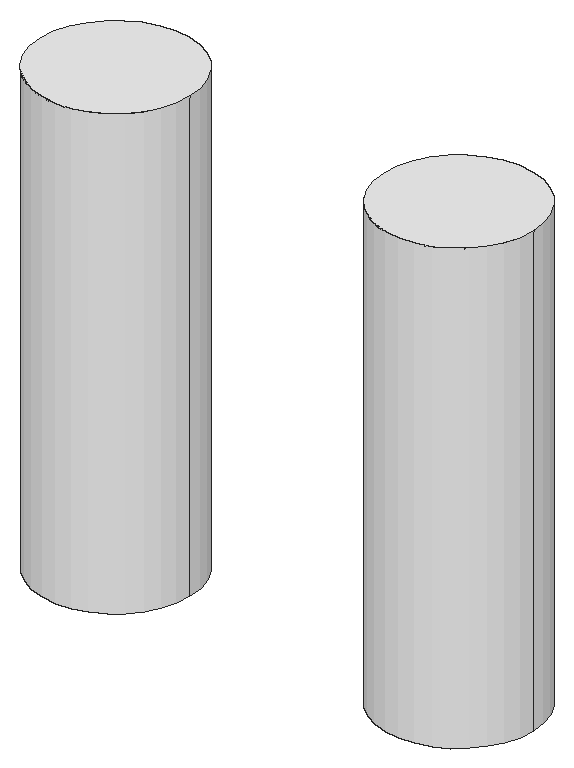
Revit family "56422203", category Plumbing Fixtures, Revit 2018
Family settings
  Round Connector Dimension = Use Diameter
  Part Type = Normal
  OmniClass Number = 23.45.55.00
  OmniClass Title = Sanitary Faucets, Wastes
  Work Plane-Based = No
  Always vertical = Yes
  Cut with Voids When Loaded = No
  Shared = No
  Room Calculation Point = No
Parameters (values of type "56422203 Washbasin faucet ")
  Working Pressure = "50 - 1000 kPa"
  WarrantyStartDate [instance] = "n/a"
  WarrantyGuarantorParts = "n/a"
  WarrantyGuarantorLabor = "n/a"
  WarrantyDurationUnit = "Year"
  WarrantyDurationParts = "n/a"
  WarrantyDurationLabor = "n/a"
  WarrantyDescription = "http://warranty.hansa.com"
  Warranty Information URL = "http://warranty.hansa.com"
  VersionDate = "01/07/2022"
  Version = "3"  # constant formula
  ValvePattern = "n/a"
  ValveOperation = "n/a"
  ValveMechanism = "n/a"
  Uniclass2015Reference = "Pr_40_20_87_96"
  Uniclass2015Description = "Washbasin manual water supply sets"
  Uniclass2 = "Pr_40_30_96_96"
  URL REACH = "http://static.hansa.com/doc/reach"
  URL Declaration of Conformity = "http://static.hansa.com/DoC/56422203"
  URL ABP = "http://static.hansa.com/ABP/56422203"
  URL = ""
  UNSPSC Class Number = "30181700 Faucets or taps"
  TestPressure = "n/a"
  Temperature Adjustments = "Limitation option for maximum temperature and flow-rate ;Adjustable hot water stop (included, retrofittable)"
  Temperature = "Temperature limiter;Temperature limiter (retrofittable)"
  Technical DataSheet URL = "http://www.hansa.com/datasheet/56422203/en"
  TagNumber [instance] = "n/a"
  SustainabilityPerformance = "n/a"
  Surface treatment = "Chrome"
  Spout Type = "Fixed spout"
  Spout Projection = "110 mm"
  Spare-Part Information URL = "http://static.hansa.com/sp/56422203"
  Size = "50x145x155 mm"
  Shape = "Sculptured"
  SerialNumber [instance] = "n/a"
  Sales Package dimensions (LxWxH) = "540 x 146 x 59"
  Revision = "3"  # constant formula
  ReplacementCost = "n/a"
  ProductInformation = "n/a"
  Product URL = "http://static.hansa.com/56422203"
  Product Image URL = "http://static.hansa.com/image/56422203"
  Product Family = "HANSAPALENO XL"
  Product Code = "56422203"
  OperatingMechanismMaterial = "n/a"
  NominalWidth = 48.9 mm
  NominalHeight = 156.4 mm
  NominalDepth = 144.4 mm
  Noise Class = "I (ISO3822)"
  Name_en = "56422203 Washbasin faucet"
  Name = "56422203 Washbasin faucet"
  NBSReference = "45-35-70/371"
  NBSDescription = "Water supply fittings for wash basins and troughs"
  Mounting Holes = "1 hole"
  ModelReference = "56422203"
  ModelNumber = "n/a"
  Model = "56422203 Washbasin faucet"
  Mobile Product Information URL = "http://mpi.hansa.com/56422203"
  Mechanical Parts = "ø 35 mm ceramic cartridge for flow and temperature control"
  Max. Hot Water Supply = 70 °C
  Material = "Brass"
  Market = "International;Germany;Austria;Switzerland;France;Italy;Spain"
  ManufacturerURL = "http://www.hansa.com"
  ManufacturerName = "HANSA"
  Manufacturer = "HANSA"
  Lever Handle = "Hot/Cold symbols;Single operating lever/handle"
  Interactive AR View URL = "https://static.hansa.com/AR/56422203"
  InstallationDate [instance] = "n/a"
  Installation and Maintenance Guide URL = "http://static.hansa.com/manual/56422203"
  Installation Type = "Deck mounted"
  InletConnectionSize = 10 mm
  IfcExportType = "FAUCET"  # constant formula
  IfcExportAs = "IfcValveType"  # constant formula
  Group = "Washbasin faucet"
  Grade = "n/a"
  FlowCoefficient = 0
  Flow Rate At 300kPa With Flow Controller = 0.01 L/s
  Flow Drawing URL = "http://static.hansa.com/flowchart/56422203"
  Finish = "Polished"
  Features = "Single-lever"
  FaucetMainMaterial = Brass
  FDV Document URL = "http://www.hansa.com/datasheet/56422203/en/fdv"
  ExpectedLife = "n/a"
  Excluded Items = "Without pop-up waste"
  ETIM Class Number = "EC011328 Washbasin mixing tap"
  EN Standard = "EN 817"
  EAN Number = "4057304012013"
  DurationUnit = "Year"
  Dimension Drawing URL = "http://static.hansa.com/dimdrw/56422203"
  Description = ""
  DefaultElevation [instance] = 900 mm
  Constituents = "n/a"
  Connection Size = "G3/8"
  Connection = "Flexible inlet pipes"
  Color = "Chrome"
  CodePerformance = "n/a"
  CloseOffRating = 0
  Category = "Bathroom"
  Catalog Drawing URL = "http://static.hansa.com/catdrw/56422203"
  Brand = "HANSA"
  BodyMaterial = "Brass"
  Barcode [instance] = "n/a"
  Backflow Prevention EN1717 = "AA"
  BIMObjectName = "56422203"
  Author = "BIMStone"
  AssetType = "Fixed"
  AssetIdentifier [instance] = "n/a"
  Approval ABP = "P-IX 29502/IA"
  Ambience photo = "http://static.hansa.com/ambience/56422203"
  Aerator = "PCA® - constant flow rate regardless of pressure variations"
  Advanced Features = "Inner body made of DZR brass;3S-installation system for safe and simple mounting"
  AccessibilityPerformance = "n/a"
  3D View = "https://static.hansa.com/3D/56422203"
  2D/3D/BIM Files URL = "http://static.hansa.com/bim/56422203"
Reference planes
  plane 1 "Center (Front/Back)": y = 0
  plane 2: z = 0
  plane 3 "Center (Left/Right)": x = 0
  plane 4: x = -24.45
  plane 5: z = 900
  plane 6: z = 870
  plane 7: y = -144.4
  plane 8: x = 24.45
  plane 9: z = 1056.4
Forms (mm)
  Extrusion 1, solid, material "Brass" <- "FaucetMainMaterial"
    sketch origin (-44.989, 12.403, 0) x (1, 0, 0) y (0, 1, 0)
      loop
        circle (33.489, -36) r 5
      loop
        circle (56.489, -36) r 5
    from 870 to 900
Dimensions and locks
  "DefaultElevation": plane 5 to level
  locked: plane 5 to plane 6 at 30
  "NominalDepth": plane 7 to plane 1 "Center (Front/Back)"
  "NominalHeight": plane 9 to plane 5
  equal spacing: plane 4, plane 3 "Center (Left/Right)", plane 8
  "NominalWidth": plane 4 to plane 8
  "InletConnectionSize": diameter of Extrusion 1 sketch curve  (x2)
  aligned and locked: level to plane 2
  aligned and locked: plane 5 to Extrusion 1
  aligned and locked: Extrusion 1 to plane 6
  aligned and locked: nested 2 to plane 5
Automatic sketch dimensions
  Extrusion 1 sketch curve to plane 3 "Center (Left/Right)" = 11.5 mm
  plane 3 "Center (Left/Right)" to Extrusion 1 sketch curve = 11.5 mm
  plane 1 "Center (Front/Back)" to Extrusion 1 sketch curve = 23.597 mm  (x2)
Nested families
  nested 1: "Symbol" at (0, 0, 0), type "Symbol", detail levels coarse
  nested 2: "56422203_p" at (0, 0, 900), Main <- "FaucetMainMaterial", type "56422203_p"
    with Main Brass
Connectors
  piping at (-11.5, -23.597, 870), diameter 10, driven by "InletConnectionSize"
    settings: on Extrusion 1, index 1, connector inside diameter 609.6 mm, connector length 0 mm, flow factor 0, pipe flow 0.1 L/s, pressure drop 0.0 Pa, fitting loss kfactor 0, connector angle 0.00°, fixture units 0, engagement length 0 mm, angle of deflection 0.00°, flow configuration 1, flow direction 1, fitting loss method 0, system type 19, joint type 0, gender type 0, connector reference index -1, connector utility 0, adjustable connector no, is connector primary yes, connector description ""
  piping at (11.5, -23.597, 870), diameter 10, driven by "InletConnectionSize"
    settings: on Extrusion 1, index 2, connector inside diameter 609.6 mm, connector length 0 mm, flow factor 0, pipe flow 0.1 L/s, pressure drop 0.0 Pa, fitting loss kfactor 0, connector angle 0.00°, fixture units 0, engagement length 0 mm, angle of deflection 0.00°, flow configuration 1, flow direction 1, fitting loss method 0, system type 20, joint type 0, gender type 0, connector reference index -1, connector utility 0, adjustable connector no, is connector primary no, connector description ""
Definition of nested family "Symbol"
  Reference planes
    plane 1: y = 0
    plane 2: x = 0
  Lines and regions (mm)
    detail lines
      curve 1: line (0, 0, 0) -> (0, -1.8, 0)
      curve 2: line (-0.4, -1.1, 0) -> (0.4, -1.1, 0)
      curve 3: line (-0.4, -1.4, 0) -> (0.4, -1.4, 0)
      curve 4: line (0.863, 0, 0) -> (-0.863, 0, 0)
      curve 5: circle (-1.163, 0, 0) r 0.3 normal (0, 0, -1)
      curve 6: circle (1.163, 0, 0) r 0.3 normal (0, 0, 1)
Definition of nested family "56422203_p"
  Parameters (values of type "56422203_p")
    Main [instance] = none
  Reference planes
    plane 1 "Center (Front/Back)": y = 0
    plane 2: z = 0
    plane 3 "Center (Left/Right)": x = 0
    plane 4: x = -24.617
    plane 5: x = 24.617
    plane 6: y = -144.411
    plane 7: z = 156.445
  Forms (mm)
    Revolve 1, solid, material <- "Main", detail levels medium
      sketch origin (0, 0, 0) x (0, 1, 0) y (0, 0, 1)
        loop
          line (2.047, -23.402) -> (-14.215, 162.474) -> (-37.633, 160.425) -> (-21.371, -25.451) -> (2.047, -23.402)
        axis (-37.633, 160.425) -> (-21.371, -25.451)
      angle from 0 to 360
    Extrusion 2, void
      sketch origin (0, 0, 0) x (0, 1, 0) y (0, 0, 1)
        loop
          line (-84.903, 156.445) -> (-11.321, 156.445) -> (-11.321, 165.82) -> (-84.903, 165.82) -> (-84.903, 156.445)
        loop
          line (-67.585, 0) -> (-67.585, -35) -> (4.507, -35) -> (4.507, 0) -> (-67.585, 0)
      from -49.356 to 92.918
    Extrusion 3, solid, material <- "Main", detail levels medium
      sketch origin (0, 0, 0) x (1, 0, 0) y (0, 1, 0)
        loop
          line (-7.537, -77.547) -> (-6.93, -123.232)
          arc (-6.93, -123.232) -> (-6.646, -124.044) -> (-5.931, -124.521) r 1.354
          arc (-5.931, -124.521) -> (-2.992, -125.107) -> (0, -125.289) r 22.031
          arc (0, -125.289) -> (2.992, -125.107) -> (5.931, -124.521) r 22.031
          arc (5.931, -124.521) -> (6.646, -124.044) -> (6.93, -123.232) r 1.354
          line (6.93, -123.232) -> (7.537, -77.547)
          arc (7.537, -77.547) -> (8.206, -70.706) -> (10.649, -64.282) r 25.931
          arc (10.649, -64.282) -> (13.331, -59.854) -> (16.426, -55.705) r 53.655
          arc (16.426, -55.705) -> (18.861, -52.519) -> (21.056, -49.162) r 54.532
          arc (21.056, -49.162) -> (23.173, -41.379) -> (23.403, -33.317) r 34.087
          line (23.403, -33.317) -> (-23.403, -33.317)
          arc (-23.403, -33.317) -> (-23.173, -41.379) -> (-21.056, -49.162) r 34.087
          arc (-21.056, -49.162) -> (-18.861, -52.519) -> (-16.426, -55.705) r 54.532
          arc (-16.426, -55.705) -> (-13.331, -59.854) -> (-10.649, -64.282) r 53.655
          arc (-10.649, -64.282) -> (-8.206, -70.706) -> (-7.537, -77.547) r 25.931
      from 143.534 to 156.445
    Extrusion 4, solid, material <- "Main", detail levels medium
      sketch origin (0, 0, 0) x (0, 1, 0) y (0, 0, 1)
        loop
          line (-96.559, 113.643) -> (-143.329, 109.331)
          arc (-143.329, 109.331) -> (-144.357, 108.501) -> (-143.985, 107.233) r 1.191
          line (-143.985, 107.233) -> (-138.981, 103.034) -> (-143.034, 97.245) -> (-123.394, 83.493) -> (-120.544, 87.563) -> (-119.032, 86.295) -> (-43.851, 88.032) -> (-46.46, 117.853)
          arc (-46.46, 117.853) -> (-71.518, 115.849) -> (-96.559, 113.643) r 3101.602
      from -20 to 20
    Extrusion 5, solid, material <- "Main", detail levels coarse
      sketch origin (0, 0, 0) x (0, 1, 0) y (0, 0, 1)
        loop
          line (0, 0) -> (0, 156.445) -> (-144.411, 156.445) -> (-144.411, 0) -> (0, 0)
      from -24.617 to 24.617
  Cuts and joins
    joined: Extrusion 3, Extrusion 4
    Extrusion 2 cuts Revolve 1
  Lines and regions (mm)
    symbolic lines, detail levels medium+fine
      curve 1: arc (-10.483, -143.707, 0) -> (0.493, -144.409, 0) -> (11.459, -143.559, 0) r 77.963
      curve 2: line (-16.526, -137.272, 0) -> (-23.259, -43.599, 0)
      curve 3: arc (-10.483, -143.707, 0) -> (-14.647, -141.562, 0) -> (-16.526, -137.272, 0) r 7
      curve 4: arc (-24.617, -33.317, 0) -> (-24.331, -29.576, 0) -> (-23.48, -25.922, 0) r 24.617
      curve 5: arc (-23.48, -25.922, 0) -> (-22.352, -16.636, 0) -> (-17.956, -8.379, 0) r 25.54
      curve 6: arc (-17.956, -8.379, 0) -> (-12.813, -3.703, 0) -> (-6.464, -0.874, 0) r 21.896
      curve 7: arc (-6.464, -0.874, 0) -> (-3.26, -0.234, 0) -> (0, 0, 0) r 26.072
      curve 8: arc (-23.259, -43.599, 0) -> (-24.276, -38.503, 0) -> (-24.617, -33.317, 0) r 39.601
      curve 17: line (16.526, -137.272, 0) -> (23.259, -43.599, 0)
      curve 18: arc (10.483, -143.707, 0) -> (14.647, -141.562, 0) -> (16.526, -137.272, 0) r 7
      curve 19: arc (24.617, -33.317, 0) -> (24.331, -29.576, 0) -> (23.48, -25.922, 0) r 24.617
      curve 20: arc (23.48, -25.922, 0) -> (22.352, -16.636, 0) -> (17.956, -8.379, 0) r 25.54
      curve 21: arc (17.956, -8.379, 0) -> (12.813, -3.703, 0) -> (6.464, -0.874, 0) r 21.896
      curve 22: arc (6.464, -0.874, 0) -> (3.26, -0.234, 0) -> (0, 0, 0) r 26.072
      curve 23: arc (23.259, -43.599, 0) -> (24.276, -38.503, 0) -> (24.617, -33.317, 0) r 39.601
      curve 32: line (0, 0, 0) -> (-23.507, 0, 0)
      curve 33: line (-23.507, 0, 0) -> (-23.507, 0, 118.867)
      curve 34: line (-24.617, 0, 122.36) -> (-24.191, 0, 154.082)
      curve 35: line (0, 0, 156.757) -> (-5.848, 0, 156.757)
      curve 36: arc (-5.848, 0, 156.757) -> (-14.236, 0, 156.527) -> (-22.599, 0, 155.836) r 152.743
      curve 37: arc (-24.191, 0, 154.082) -> (-23.727, 0, 155.26) -> (-22.599, 0, 155.836) r 1.788
      curve 43: line (-22.622, 0, 121.304) -> (-22.757, 0, 119.77)
      curve 44: arc (-23.507, 0, 118.867) -> (-23.284, 0, 119.445) -> (-22.757, 0, 119.77) r 0.967
      curve 48: spline (-24.617, 0, 122.36) -> (-24.603, 0, 122.271) -> (-24.561, 0, 122.181) -> (-24.492, 0, 122.092) -> (-24.395, 0, 122.003) -> (-24.27, 0, 121.914) -> (-24.118, 0, 121.826) -> (-23.938, 0, 121.738) -> (-23.731, 0, 121.651) -> (-23.498, 0, 121.565) -> (-23.238, 0, 121.48) -> (-22.952, 0, 121.396) -> (-22.639, 0, 121.313)
      curve 59: line (0, 0, 0) -> (23.507, 0, 0)
      curve 60: line (23.507, 0, 0) -> (23.507, 0, 118.867)
      curve 61: line (24.617, 0, 122.36) -> (24.191, 0, 154.082)
      curve 62: line (0, 0, 156.757) -> (5.848, 0, 156.757)
      curve 63: arc (5.848, 0, 156.757) -> (14.236, 0, 156.527) -> (22.599, 0, 155.836) r 152.743
      curve 64: arc (24.191, 0, 154.082) -> (23.727, 0, 155.26) -> (22.599, 0, 155.836) r 1.788
      curve 70: line (22.622, 0, 121.304) -> (22.757, 0, 119.77)
      curve 71: arc (23.507, 0, 118.867) -> (23.284, 0, 119.445) -> (22.757, 0, 119.77) r 0.967
      curve 75: spline (24.617, 0, 122.36) -> (24.603, 0, 122.271) -> (24.561, 0, 122.181) -> (24.492, 0, 122.092) -> (24.395, 0, 122.003) -> (24.27, 0, 121.914) -> (24.118, 0, 121.826) -> (23.938, 0, 121.738) -> (23.731, 0, 121.651) -> (23.498, 0, 121.565) -> (23.238, 0, 121.48) -> (22.952, 0, 121.396) -> (22.639, 0, 121.313)
      curve 86: line (0, 0, 0) -> (0, -47.195, 0)
      curve 87: line (0, -10.612, 121.301) -> (0, -11.412, 121.236)
      curve 90: line (0, 0, 0) -> (0, -1.556, 17.786)
      curve 91: arc (0, -11.412, 121.236) -> (0, -12.881, 127.02) -> (0, -15.842, 132.201) r 22.12
      curve 92: line (0, -56.705, 119.964) -> (0, -56.705, 117.557)
      curve 93: line (0, -11.666, 134.578) -> (0, -15.028, 154.062)
      curve 94: line (0, -16.892, 155.631) -> (0, -35.064, 155.631)
      curve 95: arc (0, -50.137, 156.019) -> (0, -42.603, 155.722) -> (0, -35.064, 155.631) r 275.77
      curve 96: arc (0, -15.028, 154.062) -> (0, -15.674, 155.186) -> (0, -16.892, 155.631) r 1.891
      curve 98: line (0, -3.301, 37.728) -> (0, -10.612, 121.301)
      curve 99: line (0, -56.705, 119.964) -> (0, -58.447, 119.823)
      curve 100: line (0, -15.842, 132.201) -> (0, -11.666, 134.578)
      curve 102: line (0, -119.032, 86.295) -> (0, -120.544, 87.563)
      curve 103: line (0, -91.121, 114.144) -> (0, -143.329, 109.331)
      curve 104: arc (0, -143.329, 109.331) -> (0, -144.357, 108.501) -> (0, -143.985, 107.233) r 1.191
      curve 105: line (0, -143.034, 97.245) -> (0, -123.394, 83.493)
      curve 106: line (0, -138.981, 103.034) -> (0, -143.034, 97.245)
      curve 107: line (0, -120.544, 87.563) -> (0, -123.394, 83.493)
      curve 108: line (0, -138.981, 103.034) -> (0, -143.985, 107.233)
      curve 118: line (0, -0.192, 19.351) -> (0, -1.671, 36.265)
      curve 119: line (0, -2.403, 37.309) -> (0, -3.301, 37.728)
      curve 120: arc (0, -1.671, 36.265) -> (0, -1.897, 36.885) -> (0, -2.403, 37.309) r 1.275
      curve 121: line (0, -0.645, 18.4) -> (0, -1.556, 17.786)
      curve 122: arc (0, -0.192, 19.351) -> (0, -0.289, 18.814) -> (0, -0.645, 18.4) r 1.038
      curve 123: arc (0, -56.705, 117.557) -> (0, -73.907, 115.791) -> (0, -91.121, 114.144) r 2509.682
      curve 124: line (0, -119.032, 86.295) -> (0, -78.463, 87.445)
      curve 125: line (0, -47.195, 0) -> (0, -52.849, 64.634)
      curve 126: arc (0, -52.849, 64.634) -> (0, -61.128, 81.125) -> (0, -78.463, 87.445) r 25
      curve 127: line (0, -72.369, 156.445) -> (0, -123.175, 156.445)
      curve 128: arc (0, -124.589, 155.324) -> (0, -125.212, 149.972) -> (0, -124.596, 144.619) r 23.446
      curve 129: arc (0, -123.175, 156.445) -> (0, -124.077, 156.131) -> (0, -124.589, 155.324) r 1.453
      curve 130: line (0, -123.324, 143.61) -> (0, -68.594, 143.61)
      curve 131: line (0, -58.447, 119.823) -> (0, -61.216, 137.309)
      curve 132: arc (0, -61.216, 137.309) -> (0, -63.743, 141.82) -> (0, -68.594, 143.61) r 7.47
      curve 133: arc (0, -124.596, 144.619) -> (0, -124.136, 143.893) -> (0, -123.324, 143.61) r 1.307
      curve 134: arc (0, -50.137, 156.019) -> (0, -61.251, 156.338) -> (0, -72.369, 156.445) r 581.263
    symbolic lines, detail levels fine
      curve 9: arc (-21.056, -49.162, 0) -> (-21.905, -47.56, 0) -> (-22.573, -45.875, 0) r 16.527
      curve 10: arc (-16.426, -55.705, 0) -> (-18.861, -52.519, 0) -> (-21.056, -49.162, 0) r 54.532
      curve 11: arc (-10.649, -64.282, 0) -> (-13.331, -59.854, 0) -> (-16.426, -55.705, 0) r 53.655
      curve 12: arc (-7.537, -77.547, 0) -> (-8.206, -70.706, 0) -> (-10.649, -64.282, 0) r 25.931
      curve 13: line (-7.537, -77.547, 0) -> (-6.93, -123.232, 0)
      curve 14: arc (-5.931, -124.521, 0) -> (-2.992, -125.107, 0) -> (0, -125.289, 0) r 22.031
      curve 15: arc (-6.93, -123.232, 0) -> (-6.646, -124.044, 0) -> (-5.931, -124.521, 0) r 1.354
      curve 16: arc (-23.48, -25.922, 0) -> (-14.56, -13.467, 0) -> (0, -8.7, 0) r 24.617
      curve 24: arc (21.056, -49.162, 0) -> (21.674, -48.039, 0) -> (22.204, -46.872, 0) r 16.527
      curve 25: arc (16.426, -55.705, 0) -> (18.861, -52.519, 0) -> (21.056, -49.162, 0) r 54.532
      curve 26: arc (10.649, -64.282, 0) -> (13.331, -59.854, 0) -> (16.426, -55.705, 0) r 53.655
      curve 27: arc (7.537, -77.547, 0) -> (8.206, -70.706, 0) -> (10.649, -64.282, 0) r 25.931
      curve 28: line (7.537, -77.547, 0) -> (6.93, -123.232, 0)
      curve 29: arc (5.931, -124.521, 0) -> (2.992, -125.107, 0) -> (0, -125.289, 0) r 22.031
      curve 30: arc (6.93, -123.232, 0) -> (6.646, -124.044, 0) -> (5.931, -124.521, 0) r 1.354
      curve 31: arc (23.48, -25.922, 0) -> (14.56, -13.467, 0) -> (0, -8.7, 0) r 24.617
      curve 38: arc (-6.756, 0, 154.996) -> (-6.963, 0, 150.565) -> (-6.756, 0, 146.134) r 47.666
      curve 39: arc (-5.128, 0, 156.613) -> (-6.235, 0, 156.099) -> (-6.756, 0, 154.996) r 1.79
      curve 40: arc (-2.068, 0, 156.757) -> (-3.599, 0, 156.715) -> (-5.128, 0, 156.613) r 39.282
      curve 41: arc (-6.756, 0, 146.134) -> (-6.258, 0, 145.047) -> (-5.191, 0, 144.509) r 1.809
      curve 42: arc (-5.191, 0, 144.509) -> (-2.601, 0, 144.266) -> (0, 0, 144.219) r 34.732
      curve 45: spline (-22.757, 0, 119.77) -> (-22.562, 0, 119.513) -> (-21.981, 0, 119.261) -> (-21.024, 0, 119.017) -> (-19.707, 0, 118.786) -> (-18.053, 0, 118.572) -> (-16.091, 0, 118.379) -> (-13.852, 0, 118.209) -> (-11.377, 0, 118.066) -> (-8.708, 0, 117.952) -> (-5.889, 0, 117.87) -> (-2.97, 0, 117.82) -> (0, 0, 117.803)
      curve 46: line (-23.507, 0, 106.908) -> (-16.905, 0, 94.49)
      curve 47: arc (-16.905, 0, 94.49) -> (-14.342, 0, 90.77) -> (-11, 0, 87.73) r 19.74
      curve 49: arc (-13.632, 0, 105.991) -> (-6.829, 0, 106.614) -> (0, 0, 106.821) r 112.335
      curve 50: line (-23.507, 0, 117.557) -> (-17.405, 0, 107.792)
      curve 51: arc (-17.405, 0, 107.792) -> (-15.781, 0, 106.342) -> (-13.632, 0, 105.991) r 3.893
      curve 52: spline (0, 0, 84.024) -> (-2.773, 0, 84.232) -> (-5.358, 0, 84.844) -> (-7.577, 0, 85.816) -> (-9.28, 0, 87.084) -> (-10.351, 0, 88.56) -> (-10.716, 0, 90.145) -> (-10.351, 0, 91.729) -> (-9.28, 0, 93.205) -> (-7.577, 0, 94.473) -> (-5.358, 0, 95.445) -> (-2.773, 0, 96.057) -> (0, 0, 96.265)
      curve 53: line (-11, 0, 96.107) -> (-11, 0, 87.73)
      curve 54: arc (-11, 0, 96.107) -> (-11.983, 0, 93.292) -> (-11, 0, 90.478) r 4.519
      curve 55: arc (-11.983, 0, 93.292) -> (-11.352, 0, 97.43) -> (-8.48, 0, 100.475) r 7.028
      curve 56: arc (-8.48, 0, 100.475) -> (-4.383, 0, 102.12) -> (0, 0, 102.652) r 16.963
      curve 57: arc (-11, 0, 87.73) -> (-5.857, 0, 84.818) -> (0, 0, 84.024) r 15.628
      curve 58: spline (-22.639, 0, 121.313) -> (-21.593, 0, 121.08) -> (-20.343, 0, 120.858) -> (-18.901, 0, 120.652) -> (-17.28, 0, 120.461) -> (-15.496, 0, 120.288) -> (-13.565, 0, 120.135) -> (-11.506, 0, 120.002) -> (-9.338, 0, 119.892) -> (-7.082, 0, 119.806) -> (-4.759, 0, 119.743) -> (-2.391, 0, 119.706) -> (0, 0, 119.693)
      curve 65: arc (6.756, 0, 154.996) -> (6.963, 0, 150.565) -> (6.756, 0, 146.134) r 47.666
      curve 66: arc (5.128, 0, 156.613) -> (6.235, 0, 156.099) -> (6.756, 0, 154.996) r 1.79
      curve 67: arc (2.068, 0, 156.757) -> (3.599, 0, 156.715) -> (5.128, 0, 156.613) r 39.282
      curve 68: arc (6.756, 0, 146.134) -> (6.258, 0, 145.047) -> (5.191, 0, 144.509) r 1.809
      curve 69: arc (5.191, 0, 144.509) -> (2.601, 0, 144.266) -> (0, 0, 144.219) r 34.732
      curve 72: spline (22.757, 0, 119.77) -> (22.562, 0, 119.513) -> (21.981, 0, 119.261) -> (21.024, 0, 119.017) -> (19.707, 0, 118.786) -> (18.053, 0, 118.572) -> (16.091, 0, 118.379) -> (13.852, 0, 118.209) -> (11.377, 0, 118.066) -> (8.708, 0, 117.952) -> (5.889, 0, 117.87) -> (2.97, 0, 117.82) -> (0, 0, 117.803)
      curve 73: line (23.507, 0, 106.908) -> (16.905, 0, 94.49)
      curve 74: arc (16.905, 0, 94.49) -> (14.342, 0, 90.77) -> (11, 0, 87.73) r 19.74
      curve 76: arc (13.632, 0, 105.991) -> (6.829, 0, 106.614) -> (0, 0, 106.821) r 112.335
      curve 77: line (23.507, 0, 117.557) -> (17.405, 0, 107.792)
      curve 78: arc (17.405, 0, 107.792) -> (15.781, 0, 106.342) -> (13.632, 0, 105.991) r 3.893
      curve 79: spline (0, 0, 84.024) -> (2.773, 0, 84.232) -> (5.358, 0, 84.844) -> (7.577, 0, 85.816) -> (9.28, 0, 87.084) -> (10.351, 0, 88.56) -> (10.716, 0, 90.145) -> (10.351, 0, 91.729) -> (9.28, 0, 93.205) -> (7.577, 0, 94.473) -> (5.358, 0, 95.445) -> (2.773, 0, 96.057) -> (0, 0, 96.265)
      curve 80: line (11, 0, 96.107) -> (11, 0, 87.73)
      curve 81: arc (11, 0, 96.107) -> (11.983, 0, 93.292) -> (11, 0, 90.478) r 4.519
      curve 82: arc (11.983, 0, 93.292) -> (11.352, 0, 97.43) -> (8.48, 0, 100.475) r 7.028
      curve 83: arc (8.48, 0, 100.475) -> (4.383, 0, 102.12) -> (0, 0, 102.652) r 16.963
      curve 84: arc (11, 0, 87.73) -> (5.857, 0, 84.818) -> (0, 0, 84.024) r 15.628
      curve 85: spline (22.639, 0, 121.313) -> (21.593, 0, 121.08) -> (20.343, 0, 120.858) -> (18.901, 0, 120.652) -> (17.28, 0, 120.461) -> (15.496, 0, 120.288) -> (13.565, 0, 120.135) -> (11.506, 0, 120.002) -> (9.338, 0, 119.892) -> (7.082, 0, 119.806) -> (4.759, 0, 119.743) -> (2.391, 0, 119.706) -> (0, 0, 119.693)
      curve 88: line (0, -34.119, 121.799) -> (0, -15.842, 132.201)
      curve 89: line (0, -34.119, 121.799) -> (0, -56.705, 119.964)
      curve 97: line (0, -1.556, 17.786) -> (0, -3.301, 37.728)
      curve 101: line (0, -11.412, 121.236) -> (0, -56.705, 117.557)
      curve 109: line (0, -120.544, 87.563) -> (0, -138.981, 103.034)
      curve 110: arc (-3.475, -3.353, 0) -> (0, -3.288, 0) -> (3.474, -3.354, 0) r 93.038
      curve 111: line (-3.963, -2.573, 0) -> (-3.351, -1.422, 0)
      curve 112: arc (-3.351, -1.422, 0) -> (-2.534, -0.745, 0) -> (-1.567, -0.308, 0) r 3.968
      curve 113: arc (-3.475, -3.353, 0) -> (-3.944, -3.104, 0) -> (-3.963, -2.573, 0) r 0.531
      curve 114: line (3.963, -2.573, 0) -> (3.351, -1.422, 0)
      curve 115: arc (3.351, -1.422, 0) -> (2.534, -0.745, 0) -> (1.567, -0.308, 0) r 3.968
      curve 116: arc (3.474, -3.353, 0) -> (3.944, -3.104, 0) -> (3.963, -2.573, 0) r 0.531
      curve 117: arc (-1.567, -0.308, 0) -> (0, -0.131, 0) -> (1.567, -0.308, 0) r 7.055
      curve 135: arc (-22.573, -45.875, 0) -> (-22.933, -44.742, 0) -> (-23.259, -43.599, 0) r 39.601
      curve 136: arc (22.204, -46.872, 0) -> (22.772, -45.248, 0) -> (23.259, -43.599, 0) r 34.939
  Dimensions and locks
    aligned and locked: level to plane 2
